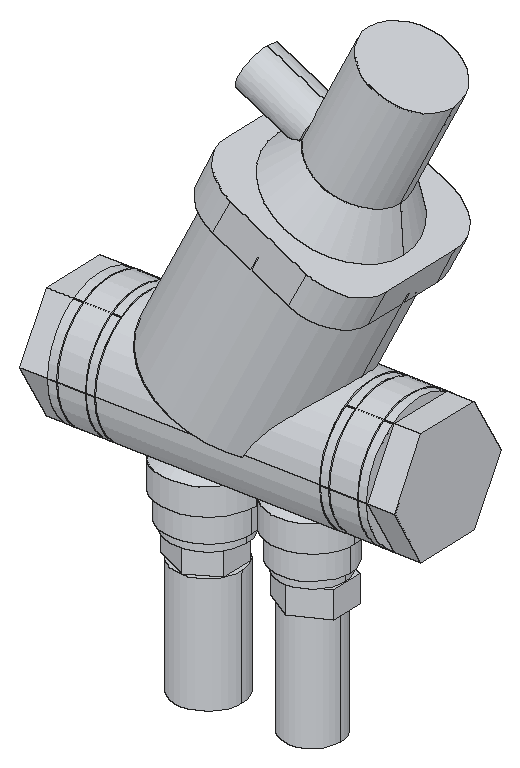
Revit family "PV_Compact_DN020_ 20-60_FF_měř_RFA_2018", category Pipe Accessories, Revit 2018
Family settings
  Round Connector Dimension = Use Diameter
  Part Type = Valve - Breaks Into
  Work Plane-Based = No
  Always vertical = Yes
  Cut with Voids When Loaded = No
  Shared = No
Parameters (values of type "PV Compact DN20 FF s měřením ( 20-60kPa)")
  magiProductId = "9f7cac6a20a942348ba3edadb25c10"
  magiProductFamilyId = "17221e4467384e4990f0bd3f9c07cb"
  magiPartTypeId = 304
  isMeasuringValve [instance] = no
  ang2D [instance] = 0.00°
  Z7 = 15 mm
  Z6 = 24.6 mm
  Z5 = 57.4 mm
  Z4 = 49.2 mm
  Z3 = 8.2 mm
  Z2 = 41 mm
  XR3 = 30 mm
  XR2 = 25 mm
  XR1 = 13 mm
  W2D = 15 mm
  VersionID = "2.0/2018.12.13.2/FRESE_PV_COMPACT_PLUG_Q13_001"
  Use Minimum Symbol Size [instance] = no
  URL = "www.hydronix.cz"
  Type Comments = "závitový s vnitřním závitem; dvěma měřicími vsuvkami; PN25; dpmax=450kPa; -10~+120°C;"
  R5 = 5 mm
  R4 = 15 mm
  R3 = 10 mm
  R2 = 14 mm
  R1 = 19 mm
  QmdConnectorList = "301;D;302;D"
  Productdata [instance] = ""
  PH__ve = -PH  # -22.4 mm
  PH = 22.4 mm
  NL__ve = -NL  # -15.8 mm
  NL = 15.8 mm
  Manufacturer = "Hydronix"
  MC Use Limits From Balancing Method = no
  MC Throttling Minimum Value = 0
  MC Throttling Maximum Value = 0
  MC Product Code = "53-3207 DN20; FF; nastavitelný rozsah dp=20~60kPa; Q=150~2000l/h;  kvs=3,5"
  MC Pressure Drop Minimum Value = 0.0 Pa
  MC Pressure Drop Maximum Value = 0.0 Pa
  MC Piping Given Pressure Drop [instance] = 0.0 Pa
  M5 = 33.7 mm
  M4 = 31.7 mm
  M3 = 25.7 mm
  M2 = 23.7 mm
  LP = 39.5 mm
  LM = 47.4 mm
  LL__ve = -LL  # -5.7 mm
  LLT__ve = -LLT  # -14.9 mm
  LLT = 14.9 mm
  LL2 = 32 mm
  LL = 5.7 mm
  L3 = 11 mm
  L2D_Min = 30.48 mm
  L2D = 65 mm
  Description = "Nastavitelný regulátor tlakové diference"
  DR1 = no
  DR0 = yes
  DL2 = 66 mm
  D = 20 mm
  CenSd_R2_6 = R2 * cos(30.00°)  # 12.124 mm
  CAT0 = yes
  C0D1 = no
  C0D0 = yes
Types (10, lengths in mm): name | magiProductId | Z6 | Z5 | Z4 | Z3 | Z2 | XR3 | XR2 | XR1 | R2 | R1 | PH__ve | PH | NL__ve | NL | MC Product Code | M5 | M4 | M3 | M2 | LP | LM | LL__ve | LLT__ve | LLT | LL2 | LL | L3 | D | CenSd_R2_6
  PV Compact DN15 FF s měřením ( 20-60kPa) | "92c6061b2d364c498536f200ceae3f" | 24.6 | 57.4 | 49.2 | 8.2 | 41 | 30 | 25 | 13 | 14 | 19 | -22.4 | 22.4 | -15 | 15 | "53-3205 DN15; FF; nastavitelný rozsah dp=20~60kPa; Q=100~1000l/h;  kvs=2,9" | 32.5 | 30.5 | 24.5 | 22.5 | 37.5 | 45 | -5.7 | -14.9 | 14.9 | 32 | 5.7 | 11 | 15 | 12.124
  PV Compact DN15 FF s měřením (  5-30kPa) | "f361d342a5c3496a8b127ae77303d4" | 24.6 | 57.4 | 49.2 | 8.2 | 41 | 30 | 25 | 13 | 14 | 19 | -22.4 | 22.4 | -15 | 15 | "53-3204 DN15; FF; nastavitelný rozsah dp=5~30kPa; Q=50~600l/h;  kvs=2,9" | 32.5 | 30.5 | 24.5 | 22.5 | 37.5 | 45 | -5.7 | -14.9 | 14.9 | 32 | 5.7 | 11 | 15 | 12.124
  PV Compact DN20 FF s měřením ( 20-60kPa) | "9f7cac6a20a942348ba3edadb25c10" | 24.6 | 57.4 | 49.2 | 8.2 | 41 | 30 | 25 | 13 | 14 | 19 | -22.4 | 22.4 | -15.8 | 15.8 | "53-3207 DN20; FF; nastavitelný rozsah dp=20~60kPa; Q=150~2000l/h;  kvs=3,5" | 33.7 | 31.7 | 25.7 | 23.7 | 39.5 | 47.4 | -5.7 | -14.9 | 14.9 | 32 | 5.7 | 11 | 20 | 12.124
  PV Compact DN20 FF s měřením (  5-30kPa) | "db23a1b537c14a0d8d3ef5b88ba9f3" | 24.6 | 57.4 | 49.2 | 8.2 | 41 | 30 | 25 | 13 | 14 | 19 | -22.4 | 22.4 | -15.8 | 15.8 | "53-3206 DN20; FF; nastavitelný rozsah dp=5~30kPa; Q=100~1000l/h;  kvs=3,5" | 33.7 | 31.7 | 25.7 | 23.7 | 39.5 | 47.4 | -5.7 | -14.9 | 14.9 | 32 | 5.7 | 11 | 20 | 12.124
  PV Compact DN25 FF s měřením (  5-30kPa) | "df9f1d59aa4a4bbbaec25e168ba07d" | 25.5 | 59.5 | 51 | 8.5 | 42.5 | 30 | 25 | 13 | 14 | 19 | -20.8 | 20.8 | -16.6 | 16.6 | "53-3208 DN25; FF; nastavitelný rozsah dp=5~30kPa; Q=600~2100l/h;  kvs=4,0" | 34.9 | 32.9 | 26.9 | 24.9 | 41.5 | 49.8 | -5.9 | -16.3 | 16.3 | 34 | 5.9 | 11 | 25 | 12.124
  PV Compact DN25L FF s měřením ( 20-80kPa) | "87b7cca8bace4074a54840dfb5d8dc" | 40.2 | 93.8 | 80.4 | 13.4 | 67 | 42.5 | 37.5 | 25.5 | 26.5 | 31.5 | -17.6 | 17.6 | -20 | 20 | "53-3211 DN25L; FF; nastavitelný rozsah dp=20~80kPa; Q=750~4200l/h;  kvs=8,7" | 40 | 38 | 32 | 30 | 50 | 60 | -6.3 | -19.1 | 19.1 | 38 | 6.3 | 11 | 25 | 22.95
  PV Compact DN25L FF s měřením (  5-30kPa) | "5f34f6c18cbb44599cc4b76a533b7b" | 40.2 | 93.8 | 80.4 | 13.4 | 67 | 42.5 | 37.5 | 25.5 | 26.5 | 31.5 | -17.6 | 17.6 | -20 | 20 | "53-3210 DN25L; FF; nastavitelný rozsah dp=5~30kPa; Q=600~2500l/h;  kvs=8,7" | 40 | 38 | 32 | 30 | 50 | 60 | -6.3 | -19.1 | 19.1 | 38 | 6.3 | 11 | 25 | 22.95
  PV Compact DN32 FF s měřením ( 20-80kPa) | "4a8a1c2c3ced401aa76adec660b182" | 40.2 | 93.8 | 80.4 | 13.4 | 67 | 42.5 | 37.5 | 25.5 | 26.5 | 31.5 | -13.6 | 13.6 | -20.8 | 20.8 | "53-3214 DN32; FF; nastavitelný rozsah dp=20~80kPa; Q=1000~5000l/h;  kvs=10,1" | 41.2 | 39.2 | 33.2 | 31.2 | 52 | 62.4 | -6.8 | -22.6 | 22.6 | 43 | 6.8 | 25 | 32 | 22.95
  PV Compact DN40 FF s měřením ( 20-80kPa) | "8dd334465d8f48dd802c3dab6bec5b" | 46.8 | 109.2 | 93.6 | 15.6 | 78 | 42.5 | 37.5 | 25.5 | 26.5 | 31.5 | -11.2 | 11.2 | -27.6 | 27.6 | "53-3216 DN40; FF; nastavitelný rozsah dp=20~80kPa; Q=3000~8000l/h;  kvs=15,8" | 51.4 | 49.4 | 43.4 | 41.4 | 69 | 82.8 | -7.1 | -24.7 | 24.7 | 46 | 7.1 | 25 | 40 | 22.95
  PV Compact DN50 FF s měřením ( 20-80kPa) | "de24153ded7e41748f92358b184bd6" | 46.8 | 109.2 | 93.6 | 15.6 | 78 | 42.5 | 37.5 | 25.5 | 35.25 | 31.5 | -6.4 | 6.4 | -27.6 | 27.6 | "53-3218 DN50; FF; nastavitelný rozsah dp=20~80kPa; Q=5000~11500l/h;  kvs=16,2" | 51.4 | 49.4 | 43.4 | 41.4 | 69 | 82.8 | -7.7 | -28.9 | 28.9 | 52 | 7.7 | 25 | 50 | 30.527
Reference planes
  plane 1 "Center (Front/Back)": y = 0
  plane 2 "XYPLANE": z = 0
  plane 3 "Center (Left/Right)": x = 0
  plane 4 "408": x = 39.5
  plane 5 "407": x = -39.5
  plane 6 "402": z = -66
  plane 7 "213": x = 11
  plane 8 "168": z = -10.9
  plane 9 "167": z = -12.9
  plane 10 "166": z = -18.6
  plane 11 "165": z = -24.3
  plane 12 "164": z = -26.3
  plane 13 "154": z = 0
  plane 14 "152": y = 0
  plane 15 "151": z = -32
  plane 16 "150": x = -11
  plane 17 "75": through (318.218, 0, 679.605) normal (0.891, 0, -0.454)
  plane 18 "74": x = 33.7
  plane 19 "73": x = 31.7
  plane 20 "72": x = 25.7
  plane 21 "71": x = 23.7
  plane 22 "70": x = -33.7
  plane 23 "69": x = -31.7
  plane 24 "68": x = -25.7
  plane 25 "67": y = 0
  plane 26 "66": through (-666.893, 0, 343.166) normal (0.454, 0, 0.891)
  plane 27 "65": x = -23.7
  plane 28 "64": through (335.147, 0, 670.979) normal (0.891, 0, -0.454)
  plane 29 "63": through (-649.641, 0, 377.024) normal (0.454, 0, 0.891)
  plane 30 "62": through (352.076, 0, 662.353) normal (0.891, 0, -0.454)
  plane 31 "61": y = 19
  plane 32 "60": y = -19
  plane 33 "59": through (-645.919, 0, 384.33) normal (0.454, 0, 0.891)
  plane 34 "58": through (-642.196, 0, 391.637) normal (0.454, 0, 0.891)
  plane 35 "57": through (313.763, 0, 681.875) normal (0.891, 0, -0.454)
  plane 36 "56": x = 0
  plane 37 "55": through (-668.255, 0, 340.493) normal (0.454, 0, 0.891)
  plane 38 "102XY": through (-668.255, 0, 340.493) normal (0.454, 0, 0.891)
  plane 39 "102XZ": y = 0
  plane 40 "102YZ": through (340.493, 0, 668.255) normal (0.891, 0, -0.454)
Forms (mm)
  Extrusion 1, solid
    sketch origin (39.5, -750, 0) x (0, 1, 0) y (0, 0, 1)
      loop
        line (764, 0) -> (757, 12.124) -> (743, 12.124) -> (736, 0) -> (743, -12.124) -> (757, -12.124) -> (764, 0)
    from 0 to -15.8 <- "NL__ve"
  Extrusion 2, solid
    sketch origin (-39.5, -750, 0) x (0, 1, 0) y (0, 0, 1)
      loop
        line (736, 0) -> (743, -12.124) -> (757, -12.124) -> (764, 0) -> (757, 12.124) -> (743, 12.124) -> (736, 0)
    from 0 to 15.8 <- "NL"
  Extrusion 3, solid, visible <- "C0D1"
    sketch origin (-750, 0, -66) x (1, 0, 0) y (0, 1, 0)
      loop
        circle (761, 0) r 10
    from 0 to 50
  Extrusion 4, solid, visible <- "DR1"
    sketch origin (-750, 0, -18.6) x (1, 0, 0) y (0, 1, 0)
      loop
        line (761, -12) -> (772.592, -6) -> (772.592, 6) -> (761, 12) -> (750.608, 6) -> (750.608, -6) -> (761, -12)
    from 0 to -22.4 <- "PH__ve"
  Extrusion 5, solid, visible <- "DR1"
    sketch origin (-750, 0, -18.6) x (1, 0, 0) y (0, 1, 0)
      loop
        circle (761, 0) r 10
    from 0 to 5.7 <- "LL"
  Blend 6, solid, visible <- "DR1"
    base sketch origin (-750, 0, -10.9) x (1, 0, 0) y (0, 1, 0)
      loop
        circle (761, 0) r 7.5
    top sketch origin (-750, 0, -10.9) x (1, 0, 0) y (0, 1, 0)
      loop
        circle (761, 0) r 10
    from 0 to -2
  Extrusion 7, solid, visible <- "DR1"
    sketch origin (-750, 0, 0) x (1, 0, 0) y (0, 1, 0)
      loop
        circle (761, 0) r 7.5
    from 0 to -14.9 <- "LLT__ve"
  Extrusion 8, solid, visible <- "C0D0"
    sketch origin (-750, 0, -32) x (1, 0, 0) y (0, 1, 0)
      loop
        circle (761, 0) r 6
    from 0 to -25
  Extrusion 9, solid, visible <- "DR0"
    sketch origin (-750, 0, -26.3) x (1, 0, 0) y (0, 1, 0)
      loop
        line (761, -7) -> (768.262, -3.5) -> (768.262, 3.5) -> (761, 7) -> (754.938, 3.5) -> (754.938, -3.5) -> (761, -7)
    from 0 to -5.7 <- "LL__ve"
  Extrusion 10, solid, visible <- "DR0"
    sketch origin (-750, 0, -26.3) x (1, 0, 0) y (0, 1, 0)
      loop
        circle (761, 0) r 7
    from 0 to 2
  Extrusion 11, solid, visible <- "DR0"
    sketch origin (-750, 0, -18.6) x (1, 0, 0) y (0, 1, 0)
      loop
        circle (761, 0) r 9
    from 0 to 5.7 <- "LL"
  Blend 12, solid, visible <- "DR0"
    base sketch origin (-750, 0, -10.9) x (1, 0, 0) y (0, 1, 0)
      loop
        circle (761, 0) r 6.5
    top sketch origin (-750, 0, -10.9) x (1, 0, 0) y (0, 1, 0)
      loop
        circle (761, 0) r 9
    from 0 to -2
  Extrusion 13, solid, visible <- "DR0"
    sketch origin (-750, 0, 0) x (1, 0, 0) y (0, 1, 0)
      loop
        circle (761, 0) r 6.5
    from 0 to -14.9 <- "LLT__ve"
  Extrusion 14, solid, visible <- "DR0"
    sketch origin (-750, 0, 0) x (1, 0, 0) y (0, 1, 0)
      loop
        circle (761, 0) r 6.5
    from 0 to -14.9 <- "LLT__ve"
  Blend 15, solid, visible <- "DR0"
    base sketch origin (-750, 0, -10.9) x (1, 0, 0) y (0, 1, 0)
      loop
        circle (761, 0) r 6.5
    top sketch origin (-750, 0, -10.9) x (1, 0, 0) y (0, 1, 0)
      loop
        circle (761, 0) r 9
    from 0 to -2
  Extrusion 16, solid, visible <- "DR0"
    sketch origin (-750, 0, -18.6) x (1, 0, 0) y (0, 1, 0)
      loop
        circle (761, 0) r 9
    from 0 to 5.7 <- "LL"
  Extrusion 17, solid, visible <- "DR0"
    sketch origin (-750, 0, -24.3) x (1, 0, 0) y (0, 1, 0)
      loop
        circle (761, 0) r 8
    from 0 to 5.7 <- "LL"
  Extrusion 18, solid, visible <- "DR0"
    sketch origin (-750, 0, -26.3) x (1, 0, 0) y (0, 1, 0)
      loop
        circle (761, 0) r 7
    from 0 to 2
  Extrusion 19, solid, visible <- "DR0"
    sketch origin (-750, 0, -26.3) x (1, 0, 0) y (0, 1, 0)
      loop
        line (761, -7) -> (768.262, -3.5) -> (768.262, 3.5) -> (761, 7) -> (754.938, 3.5) -> (754.938, -3.5) -> (761, -7)
    from 0 to -5.7 <- "LL__ve"
  Extrusion 20, solid, visible <- "C0D0"
    sketch origin (-750, 0, -32) x (1, 0, 0) y (0, 1, 0)
      loop
        circle (761, 0) r 6
    from 0 to -25
  Extrusion 21, solid, visible <- "CAT0"
    sketch origin (-750, 0, -32) x (1, 0, 0) y (0, 1, 0)
      loop
        circle (739, 0) r 7.2
    from 0 to -25
  Extrusion 22, solid
    sketch origin (-750, 0, -26.3) x (1, 0, 0) y (0, 1, 0)
      loop
        line (739, -7) -> (745.062, -3.5) -> (745.062, 3.5) -> (739, 7) -> (731.738, 3.5) -> (731.738, -3.5) -> (739, -7)
    from 0 to -5.7 <- "LL__ve"
  Extrusion 23, solid
    sketch origin (-750, 0, -26.3) x (1, 0, 0) y (0, 1, 0)
      loop
        circle (739, 0) r 8.2
    from 0 to 2
  Extrusion 24, solid
    sketch origin (-750, 0, -24.3) x (1, 0, 0) y (0, 1, 0)
      loop
        circle (739, 0) r 9.2
    from 0 to 5.7 <- "LL"
  Extrusion 25, solid
    sketch origin (-750, 0, -18.6) x (1, 0, 0) y (0, 1, 0)
      loop
        circle (739, 0) r 10.2
    from 0 to 5.7 <- "LL"
  Blend 26, solid
    base sketch origin (-750, 0, -10.9) x (1, 0, 0) y (0, 1, 0)
      loop
        circle (739, 0) r 7.7
    top sketch origin (-750, 0, -10.9) x (1, 0, 0) y (0, 1, 0)
      loop
        circle (739, 0) r 10.2
    from 0 to -2
  Extrusion 27, solid
    sketch origin (-750, 0, 0) x (1, 0, 0) y (0, 1, 0)
      loop
        circle (739, 0) r 7.7
    from 0 to -14.9 <- "LLT__ve"
  Blend 28, solid, visible <- "CAT0"
    base sketch origin (31.7, -750, 0) x (0, 1, 0) y (0, 0, 1)
      loop
        circle (750, 0) r 14
    top sketch origin (31.7, -750, 0) x (0, 1, 0) y (0, 0, 1)
      loop
        circle (750, 0) r 14
    from 0 to 2
  Extrusion 29, solid, visible <- "CAT0"
    sketch origin (25.7, -750, 0) x (0, 1, 0) y (0, 0, 1)
      loop
        circle (750, 0) r 14
    from 0 to 6
  Blend 30, solid, visible <- "CAT0"
    base sketch origin (23.7, -750, 0) x (0, 1, 0) y (0, 0, 1)
      loop
        circle (750, 0) r 14
    top sketch origin (23.7, -750, 0) x (0, 1, 0) y (0, 0, 1)
      loop
        circle (750, 0) r 14
    from 0 to 2
  Blend 31, solid, visible <- "CAT0"
    base sketch origin (-31.7, -750, 0) x (0, 1, 0) y (0, 0, 1)
      loop
        circle (750, 0) r 14
    top sketch origin (-31.7, -750, 0) x (0, 1, 0) y (0, 0, 1)
      loop
        circle (750, 0) r 14
    from 0 to -2
  Extrusion 32, solid, visible <- "CAT0"
    sketch origin (-31.7, -750, 0) x (0, 1, 0) y (0, 0, 1)
      loop
        circle (750, 0) r 14
    from 0 to 6
  Blend 33, solid, visible <- "CAT0"
    base sketch origin (-25.7, -750, 0) x (0, 1, 0) y (0, 0, 1)
      loop
        circle (750, 0) r 14
    top sketch origin (-25.7, -750, 0) x (0, 1, 0) y (0, 0, 1)
      loop
        circle (750, 0) r 14
    from 0 to 2
  Extrusion 34, solid, visible <- "CAT0"
    sketch origin (-23.7, -750, 0) x (0, 1, 0) y (0, 0, 1)
      loop
        circle (750, 0) r 14
    from 0 to 47.4 <- "LM"
  Extrusion 35, solid, visible <- "CAT0"
    sketch origin (-666.893, 0, 343.166) x (0.891007, 0, -0.45399) y (0, 1, 0)
      loop
        circle (744, 0) r 19
    from 0 to 41 <- "Z2"
  Extrusion 36, solid, visible <- "CAT0"
    sketch origin (-649.641, 0, 377.024) x (0.891007, 0, -0.45399) y (0, 1, 0)
      loop
        arc (735, 19) -> (727.929, 16.071) -> (725, 9) r 10
        line (725, 9) -> (725, -9)
        arc (725, -9) -> (727.929, -16.071) -> (735, -19) r 10
        line (735, -19) -> (753, -19)
        arc (753, -19) -> (760.071, -16.071) -> (763, -9) r 10
        line (763, -9) -> (763, 9)
        arc (763, 9) -> (760.071, 16.071) -> (753, 19) r 10
        line (753, 19) -> (735, 19)
    from 0 to 8.2 <- "Z3"
  Blend 37, solid, visible <- "CAT0"
    base sketch origin (-645.919, 0, 384.33) x (0.891007, 0, -0.45399) y (0, 1, 0)
      loop
        circle (744, 0) r 15
    top sketch origin (-645.919, 0, 384.33) x (0.891007, 0, -0.45399) y (0, 1, 0)
      loop
        circle (744, 0) r 10
    from 0 to 8.2
  Extrusion 38, solid, visible <- "CAT0"
    sketch origin (-642.196, 0, 391.637) x (0.891007, 0, -0.45399) y (0, 1, 0)
      loop
        circle (744, 0) r 10
    from 0 to 24.6 <- "Z6"
  Extrusion 39, solid, visible <- "CAT0"
    sketch origin (313.763, 0, 681.875) x (-0.45399, 0, -0.891007) y (0, 1, 0)
      loop
        circle (692.6, 0) r 5
    from 0 to 15 <- "Z7"
  Blend 40, solid, visible <- "CAT0"
    base sketch origin (-668.255, 0, 340.493) x (0.891007, 0, -0.45399) y (0, 1, 0)
      loop
        circle (744, 0) r 15
    top sketch origin (-668.255, 0, 340.493) x (0.891007, 0, -0.45399) y (0, 1, 0)
      loop
        circle (744, 0) r 19
    from 0 to 3
  Extrusion 41, solid, not visible
    sketch origin (-33.7, -750, 0) x (0, 1, 0) y (0, 0, 1)
      loop
        circle (750, 0) r 10
    from 0 to 10
  Extrusion 42, solid, not visible
    sketch origin (33.7, -750, 0) x (0, 1, 0) y (0, 0, 1)
      loop
        circle (750, 0) r 10
    from 0 to -10
Lines and regions (mm)
  reference lines, not visible
    curve 1: circle (2, 2, 0) r 1 normal (0, 0, 1)
  reference lines
    curve 2: line (39.5, 0, 0) -> (39.5, -3.5, 6.062)
    curve 3: line (39.5, 0, 0) -> (39.5, -7, 0)
    curve 4: line (39.5, 0, 0) -> (39.5, -3.5, -6.062)
    curve 5: line (-39.5, 0, 0) -> (-39.5, 3.5, 6.062)
    curve 6: line (-39.5, 0, 0) -> (-39.5, 7, 0)
    curve 7: line (-39.5, 0, 0) -> (-39.5, 3.5, -6.062)
Dimensions and locks
  plane 1 "Center (Front/Back)" to curve 1 = 2 mm
  "LP": plane 36 "56" to plane 4 "408"
  "LP": plane 36 "56" to plane 5 "407"
  "DL2": plane 2 "XYPLANE" to plane 6 "402"
  "L3": plane 3 "Center (Left/Right)" to plane 7 "213"
  locked: plane 9 "167" to plane 8 "168" at 2
  "LL": plane 10 "166" to plane 9 "167"
  "LL": plane 11 "165" to plane 10 "166"
  locked: plane 12 "164" to plane 11 "165" at 2
  "LL": plane 15 "151" to plane 12 "164"
  locked: plane 2 "XYPLANE" to plane 13 "154"
  locked: plane 1 "Center (Front/Back)" to plane 14 "152"
  "LL2": plane 2 "XYPLANE" to plane 15 "151"
  "L3": plane 3 "Center (Left/Right)" to plane 16 "150"
  "XR2": plane 40 "102YZ" to plane 17 "75"
  "M5": plane 3 "Center (Left/Right)" to plane 18 "74"
  "M4": plane 3 "Center (Left/Right)" to plane 19 "73"
  "M3": plane 3 "Center (Left/Right)" to plane 20 "72"
  "M2": plane 3 "Center (Left/Right)" to plane 21 "71"
  "M5": plane 3 "Center (Left/Right)" to plane 22 "70"
  "M4": plane 3 "Center (Left/Right)" to plane 23 "69"
  "M3": plane 3 "Center (Left/Right)" to plane 24 "68"
  locked: plane 14 "152" to plane 25 "67"
  locked: plane 38 "102XY" to plane 26 "66" at 3
  "M2": plane 3 "Center (Left/Right)" to plane 27 "65"
  locked: plane 40 "102YZ" to plane 28 "64" at 6
  "Z2": plane 38 "102XY" to plane 29 "63"
  "XR1": plane 40 "102YZ" to plane 30 "62"
  "R1": plane 14 "152" to plane 31 "61"
  "R1": plane 14 "152" to plane 32 "60"
  "Z4": plane 38 "102XY" to plane 33 "59"
  "Z5": plane 38 "102XY" to plane 34 "58"
  "XR3": plane 40 "102YZ" to plane 35 "57"
  locked: plane 3 "Center (Left/Right)" to plane 36 "56"
  locked: plane 38 "102XY" to plane 37 "55"
  "CenSd_R2_6": curve 2 to Extrusion 1 sketch curve  (x2)
  "CenSd_R2_6": curve 3 to Extrusion 1 sketch curve  (x2)
  "CenSd_R2_6": curve 4 to Extrusion 1 sketch curve  (x2)
  Extrusion 1 sketch curve to Extrusion 1 sketch curve = 0 mm  (x12)
  "CenSd_R2_6": curve 5 to Extrusion 2 sketch curve  (x2)
  "CenSd_R2_6": curve 6 to Extrusion 2 sketch curve  (x2)
  "CenSd_R2_6": curve 7 to Extrusion 2 sketch curve  (x2)
  Extrusion 2 sketch curve to Extrusion 2 sketch curve = 0 mm  (x12)
  Extrusion 4 sketch curve to Extrusion 4 sketch curve = 0 mm  (x12)
  Extrusion 9 sketch curve to Extrusion 9 sketch curve = 0 mm  (x12)
  Extrusion 19 sketch curve to Extrusion 19 sketch curve = 0 mm  (x12)
  Extrusion 22 sketch curve to Extrusion 22 sketch curve = 0 mm  (x12)
  Extrusion 36 sketch curve to Extrusion 36 sketch curve = 0 mm  (x16)
  "R2": radius of Blend 28 sketch curve  (x2)
  "R2": radius of Extrusion 29 sketch curve
  "R2": radius of Blend 30 sketch curve  (x2)
  "R2": radius of Blend 31 sketch curve  (x2)
  "R2": radius of Extrusion 32 sketch curve
  "R2": radius of Blend 33 sketch curve  (x2)
  "R2": radius of Extrusion 34 sketch curve
  "R1": radius of Extrusion 35 sketch curve
  radius of Extrusion 36 sketch curve = 10 mm  (x4)
  "R3": radius of Blend 37 sketch curve
  "R4": radius of Blend 37 sketch curve
  "R3": radius of Extrusion 38 sketch curve
  "R5": radius of Extrusion 39 sketch curve
  "R1": radius of Blend 40 sketch curve
  locked: curve 3 to curve 2 (angle 60.00°)
  locked: curve 4 to curve 3 (angle 60.00°)
  locked: curve 4 to curve 2 (angle 120.00°)
  locked: curve 6 to curve 5 (angle 60.00°)
  locked: curve 7 to curve 6 (angle 60.00°)
  locked: curve 7 to curve 5 (angle 120.00°)
  aligned and locked: level to plane 2 "XYPLANE"
  aligned and locked: plane 13 "154" to curve 4
  aligned and locked: curve 4 to plane 14 "152"
  aligned and locked: plane 13 "154" to curve 7
  aligned and locked: curve 7 to plane 14 "152"
  aligned and locked: plane 7 "213" to Extrusion 3 sketch curve
  aligned and locked: plane 14 "152" to Extrusion 3 sketch curve
  aligned and locked: plane 7 "213" to Extrusion 5 sketch curve
  aligned and locked: plane 14 "152" to Extrusion 5 sketch curve
  aligned and locked: plane 7 "213" to Blend 6 sketch curve  (x2)
  aligned and locked: plane 14 "152" to Blend 6 sketch curve  (x2)
  aligned and locked: Blend 6 to plane 9 "167"
  aligned and locked: plane 7 "213" to Extrusion 7 sketch curve
  aligned and locked: plane 14 "152" to Extrusion 7 sketch curve
  aligned and locked: plane 7 "213" to Extrusion 8 sketch curve
  aligned and locked: plane 14 "152" to Extrusion 8 sketch curve
  aligned and locked: plane 7 "213" to Extrusion 10 sketch curve
  aligned and locked: plane 14 "152" to Extrusion 10 sketch curve
  aligned and locked: plane 7 "213" to Extrusion 11 sketch curve
  aligned and locked: plane 14 "152" to Extrusion 11 sketch curve
  aligned and locked: plane 7 "213" to Blend 12 sketch curve  (x2)
  aligned and locked: plane 14 "152" to Blend 12 sketch curve  (x2)
  aligned and locked: Blend 12 to plane 9 "167"
  aligned and locked: plane 7 "213" to Extrusion 13 sketch curve
  aligned and locked: plane 14 "152" to Extrusion 13 sketch curve
  aligned and locked: plane 7 "213" to Extrusion 14 sketch curve
  aligned and locked: plane 14 "152" to Extrusion 14 sketch curve
  aligned and locked: plane 7 "213" to Blend 15 sketch curve  (x2)
  aligned and locked: plane 14 "152" to Blend 15 sketch curve  (x2)
  aligned and locked: Blend 15 to plane 9 "167"
  aligned and locked: plane 7 "213" to Extrusion 16 sketch curve
  aligned and locked: plane 14 "152" to Extrusion 16 sketch curve
  aligned and locked: plane 7 "213" to Extrusion 17 sketch curve
  aligned and locked: plane 14 "152" to Extrusion 17 sketch curve
  aligned and locked: plane 7 "213" to Extrusion 18 sketch curve
  aligned and locked: plane 14 "152" to Extrusion 18 sketch curve
  aligned and locked: plane 7 "213" to Extrusion 20 sketch curve
  aligned and locked: plane 14 "152" to Extrusion 20 sketch curve
  aligned and locked: plane 14 "152" to Extrusion 21 sketch curve
  aligned and locked: plane 16 "150" to Extrusion 21 sketch curve
  aligned and locked: plane 14 "152" to Extrusion 23 sketch curve
  aligned and locked: plane 16 "150" to Extrusion 23 sketch curve
  aligned and locked: plane 14 "152" to Extrusion 24 sketch curve
  aligned and locked: plane 16 "150" to Extrusion 24 sketch curve
  aligned and locked: plane 14 "152" to Extrusion 25 sketch curve
  aligned and locked: plane 16 "150" to Extrusion 25 sketch curve
  aligned and locked: plane 14 "152" to Blend 26 sketch curve  (x2)
  aligned and locked: plane 16 "150" to Blend 26 sketch curve  (x2)
  aligned and locked: Blend 26 to plane 9 "167"
  aligned and locked: plane 14 "152" to Extrusion 27 sketch curve
  aligned and locked: plane 16 "150" to Extrusion 27 sketch curve
  aligned and locked: plane 13 "154" to Blend 28 sketch curve  (x2)
  aligned and locked: Blend 28 sketch curve to plane 14 "152"  (x2)
  aligned and locked: plane 18 "74" to Blend 28
  aligned and locked: plane 13 "154" to Extrusion 29 sketch curve
  aligned and locked: Extrusion 29 sketch curve to plane 14 "152"
  aligned and locked: plane 13 "154" to Blend 30 sketch curve  (x2)
  aligned and locked: Blend 30 sketch curve to plane 14 "152"  (x2)
  aligned and locked: plane 20 "72" to Blend 30
  aligned and locked: plane 13 "154" to Blend 31 sketch curve  (x2)
  aligned and locked: Blend 31 sketch curve to plane 14 "152"  (x2)
  aligned and locked: Blend 31 to plane 22 "70"
  aligned and locked: plane 13 "154" to Extrusion 32 sketch curve
  aligned and locked: Extrusion 32 sketch curve to plane 14 "152"
  aligned and locked: plane 13 "154" to Blend 33 sketch curve  (x2)
  aligned and locked: Blend 33 sketch curve to plane 14 "152"  (x2)
  aligned and locked: plane 27 "65" to Blend 33
  aligned and locked: plane 13 "154" to Extrusion 34 sketch curve
  aligned and locked: Extrusion 34 sketch curve to plane 14 "152"
  aligned and locked: plane 25 "67" to Extrusion 35 sketch curve
  aligned and locked: Extrusion 35 sketch curve to plane 28 "64"
  aligned and locked: Extrusion 36 sketch curve to plane 17 "75"
  aligned and locked: Extrusion 36 sketch curve to plane 32 "60"
  aligned and locked: Extrusion 36 sketch curve to plane 30 "62"
  aligned and locked: plane 31 "61" to Extrusion 36 sketch curve
  aligned and locked: plane 25 "67" to Blend 37 sketch curve  (x2)
  aligned and locked: Blend 37 sketch curve to plane 28 "64"  (x2)
  aligned and locked: plane 34 "58" to Blend 37
  aligned and locked: plane 25 "67" to Extrusion 38 sketch curve
  aligned and locked: Extrusion 38 sketch curve to plane 28 "64"
  aligned and locked: plane 25 "67" to Extrusion 39 sketch curve
  aligned and locked: plane 34 "58" to Extrusion 39 sketch curve
  aligned and locked: plane 25 "67" to Blend 40 sketch curve  (x2)
  aligned and locked: Blend 40 sketch curve to plane 28 "64"  (x2)
  aligned and locked: plane 26 "66" to Blend 40
  aligned and locked: plane 13 "154" to Extrusion 41 sketch curve
  aligned and locked: Extrusion 41 sketch curve to plane 14 "152"
  aligned and locked: plane 13 "154" to Extrusion 42 sketch curve
  aligned and locked: Extrusion 42 sketch curve to plane 14 "152"
Automatic sketch dimensions
  plane 3 "Center (Left/Right)" to Extrusion 3 sketch curve = 1 mm
  Extrusion 4 sketch curve to plane 7 "213" = 0 mm  (x2)
  plane 3 "Center (Left/Right)" to Extrusion 4 sketch curve = 0.608 mm
  Extrusion 4 sketch curve to plane 21 "71" = 1.108 mm
  plane 32 "60" to Extrusion 4 sketch curve = 7 mm
  plane 1 "Center (Front/Back)" to Extrusion 4 sketch curve = 6 mm  (x2)
  Extrusion 4 sketch curve to plane 1 "Center (Front/Back)" = 6 mm  (x2)
  Extrusion 4 sketch curve to plane 31 "61" = 7 mm
  plane 3 "Center (Left/Right)" to Extrusion 5 sketch curve = 1 mm
  plane 3 "Center (Left/Right)" to Blend 6 sketch curve = 3.5 mm
  plane 3 "Center (Left/Right)" to Blend 6 sketch curve = 1 mm
  plane 3 "Center (Left/Right)" to Extrusion 7 sketch curve = 3.5 mm
  plane 3 "Center (Left/Right)" to Extrusion 8 sketch curve = 5 mm
  Extrusion 9 sketch curve to plane 7 "213" = 0 mm  (x2)
  plane 3 "Center (Left/Right)" to Extrusion 9 sketch curve = 4.938 mm
  Extrusion 9 sketch curve to plane 21 "71" = 5.438 mm
  plane 1 "Center (Front/Back)" to Extrusion 9 sketch curve = 7 mm
  plane 1 "Center (Front/Back)" to Extrusion 9 sketch curve = 3.5 mm  (x2)
  Extrusion 9 sketch curve to plane 1 "Center (Front/Back)" = 3.5 mm  (x2)
  Extrusion 9 sketch curve to Extrusion 9 sketch curve = 3.5 mm
  plane 3 "Center (Left/Right)" to Extrusion 10 sketch curve = 4 mm
  plane 3 "Center (Left/Right)" to Extrusion 11 sketch curve = 2 mm
  plane 3 "Center (Left/Right)" to Blend 12 sketch curve = 4.5 mm
  plane 3 "Center (Left/Right)" to Blend 12 sketch curve = 2 mm
  plane 3 "Center (Left/Right)" to Extrusion 13 sketch curve = 4.5 mm
  plane 3 "Center (Left/Right)" to Extrusion 14 sketch curve = 4.5 mm
  plane 3 "Center (Left/Right)" to Blend 15 sketch curve = 4.5 mm
  plane 3 "Center (Left/Right)" to Blend 15 sketch curve = 2 mm
  plane 3 "Center (Left/Right)" to Extrusion 16 sketch curve = 2 mm
  plane 3 "Center (Left/Right)" to Extrusion 17 sketch curve = 3 mm
  plane 3 "Center (Left/Right)" to Extrusion 18 sketch curve = 4 mm
  Extrusion 19 sketch curve to plane 7 "213" = 0 mm  (x2)
  plane 3 "Center (Left/Right)" to Extrusion 19 sketch curve = 4.938 mm
  Extrusion 19 sketch curve to plane 21 "71" = 5.438 mm
  plane 1 "Center (Front/Back)" to Extrusion 19 sketch curve = 7 mm
  plane 1 "Center (Front/Back)" to Extrusion 19 sketch curve = 3.5 mm  (x2)
  Extrusion 19 sketch curve to plane 1 "Center (Front/Back)" = 3.5 mm  (x2)
  Extrusion 19 sketch curve to Extrusion 19 sketch curve = 3.5 mm
  plane 3 "Center (Left/Right)" to Extrusion 20 sketch curve = 5 mm
  plane 27 "65" to Extrusion 21 sketch curve = 5.5 mm
  Extrusion 22 sketch curve to plane 16 "150" = 0 mm  (x2)
  plane 27 "65" to Extrusion 22 sketch curve = 5.438 mm
  Extrusion 22 sketch curve to plane 3 "Center (Left/Right)" = 4.938 mm
  plane 1 "Center (Front/Back)" to Extrusion 22 sketch curve = 7 mm
  plane 1 "Center (Front/Back)" to Extrusion 22 sketch curve = 3.5 mm  (x2)
  Extrusion 22 sketch curve to plane 1 "Center (Front/Back)" = 3.5 mm  (x2)
  Extrusion 22 sketch curve to Extrusion 22 sketch curve = 3.5 mm
  plane 27 "65" to Extrusion 23 sketch curve = 4.5 mm
  plane 27 "65" to Extrusion 24 sketch curve = 3.5 mm
  plane 27 "65" to Extrusion 25 sketch curve = 2.5 mm
  plane 27 "65" to Blend 26 sketch curve = 5 mm
  plane 27 "65" to Blend 26 sketch curve = 2.5 mm
  plane 27 "65" to Extrusion 27 sketch curve = 5 mm
  plane 17 "75" to Blend 40 sketch curve = 4 mm
  plane 32 "60" to Extrusion 41 sketch curve = 9 mm
  plane 32 "60" to Extrusion 42 sketch curve = 9 mm
  plane 3 "Center (Left/Right)" to curve 1 = 2 mm
  radius of curve 1 = 1 mm
Connectors
  piping at (-33.7, 0, 0), diameter 20, driven by "D"
    settings: on Extrusion 41, index 1, connector inside diameter 609.6 mm, connector length 0 mm, flow factor 0, pipe flow 0.0 L/s, pressure drop 0.0 Pa, fitting loss kfactor 0, connector angle 0.00°, fixture units 0, engagement length 0 mm, angle of deflection 0.00°, flow configuration 0, flow direction 0, fitting loss method 0, system type 29, joint type 0, gender type 0, connector reference index 2, connector utility 0, adjustable connector no, is connector primary yes, connector description ""
  piping at (33.7, 0, 0), diameter 20, driven by "D"
    settings: on Extrusion 42, index 2, connector inside diameter 609.6 mm, connector length 0 mm, flow factor 0, pipe flow 0.0 L/s, pressure drop 0.0 Pa, fitting loss kfactor 0, connector angle 0.00°, fixture units 0, engagement length 0 mm, angle of deflection 0.00°, flow configuration 0, flow direction 0, fitting loss method 0, system type 29, joint type 0, gender type 0, connector reference index 1, connector utility 0, adjustable connector no, is connector primary no, connector description ""
